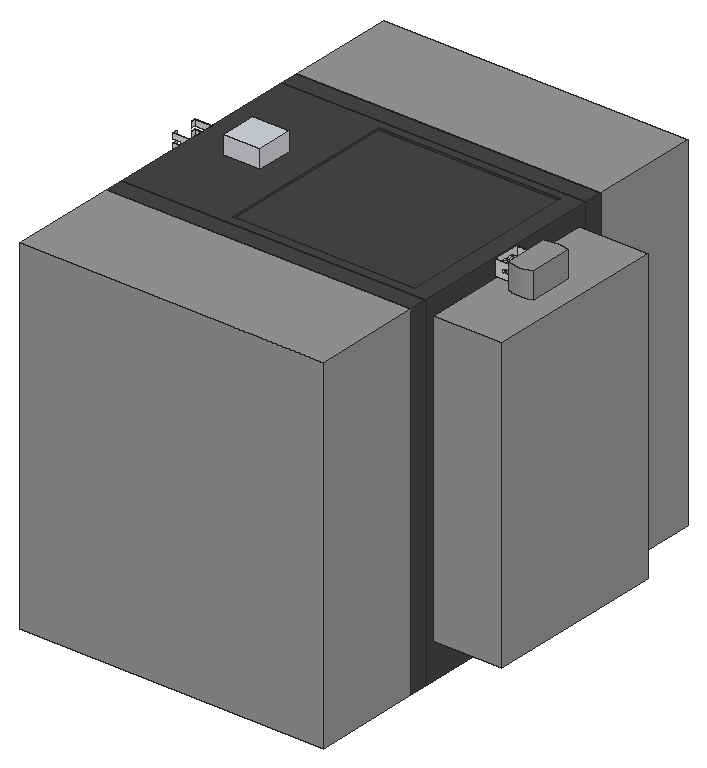
Revit family "Capsule Pool 3000-9000 вытяжной", category Оборудование, Revit 2019
Family settings
  Размер круглого соединителя = Использовать диаметр
  Классификация = Нет
  Тип детали = Нормальный
  На основе рабочей плоскости = Нет
  Всегда вертикально = Да
  При загрузке вырезать с полостями = Нет
  Общий = Нет
  Точка расчета площади = Нет
Parameters (values of type "Capsule Pool 6000")
  Толщина_кр = 50 mm  # constant formula
  СЗ = 300 mm
  Правый [instance] = yes
  Левый [instance] = yes
  Крепеж_Х = 3 mm  # constant formula
  Крепеж_У = 23 mm  # constant formula
  Коробочка_Х = 99.5 mm
  ВВ_прит_ширина = 500 mm
  ВВ_прит_высота = 500 mm
  ВВ_прит_X = 50 mm
  ВВ_выт_ширина = 500 mm
  ВВ_выт_Y = 100 mm
  ВВ_высота = 190 mm  # constant formula
  ВВ_выт_высота = 800 mm
  C1 высота = 950 mm
  B1 глубина = 650 mm
  ADSK_Расход воздуха [instance] = 0.0 m³/h
  ADSK_Наименование = "Система климатизации бассейнов Capsule Pool вытяжной модуль"  # constant formula
  ADSK_Масса = 0
  ADSK_Марка = "Capsule Pool 6000"
  ADSK_Количество [instance] = 1
  ADSK_Код изделия = ""
  ADSK_Завод-изготовитель = "ООО «Турков»"  # constant formula
  ADSK_Единица измерения = "шт."  # constant formula
  A1 длина = 835 mm
Types (7, lengths in mm): name | Коробочка_Х | ВВ_прит_ширина | ВВ_прит_высота | ВВ_выт_ширина | ВВ_выт_Y | ВВ_выт_высота | C1 высота | B1 глубина | ADSK_Марка | A1 длина
  Capsule Pool 3000 | 57 | 300 | 400 | 300 | 75 | 600 | 750 | 450 | "Capsule Pool 3000" | 685
  Capsule Pool 4000 | 99.5 | 400 | 450 | 400 | 75 | 700 | 850 | 550 | "Capsule Pool 4000" | 835
  Capsule Pool 5000 | 99.5 | 400 | 450 | 400 | 75 | 700 | 850 | 550 | "Capsule Pool 5000" | 835
  Capsule Pool 6000 | 99.5 | 500 | 500 | 500 | 100 | 800 | 950 | 650 | "Capsule Pool 6000" | 835
  Capsule Pool 7000 | 99.5 | 500 | 500 | 500 | 100 | 800 | 950 | 650 | "Capsule Pool 7000" | 835
  Capsule Pool 8000 | 99.5 | 500 | 600 | 500 | 100 | 900 | 1050 | 650 | "Capsule Pool 8000" | 935
  Capsule Pool 9000 | 99.5 | 500 | 600 | 500 | 100 | 1000 | 1150 | 650 | "Capsule Pool 9000" | 935
Reference planes
  plane 1 "По центру (Вперед/Назад)": y = 0
  plane 2: z = 0
  plane 3 "По центру (Влево/Вправо)": x = 0
  plane 4: y = 325
  plane 5: x = 417.5
  plane 6: y = -325
  plane 7: x = -417.5
  plane 8: z = 950
  plane 9: x = 607.5
  plane 10: y = 275
  plane 11: y = -275
  plane 12: y = 625
  plane 13: y = -625
Forms (mm)
  Extrusion 1, solid, material "Сталь, окрашенная, темно-серая, матовая", detail levels medium+fine
    sketch origin (0, 0, 0) x (1, 0, 0) y (0, 1, 0)
      loop
        line (-417.5, 275) -> (-417.5, -275) -> (417.5, -275) -> (417.5, 275) -> (-417.5, 275)
    from 0 to 950
  Extrusion 2, solid, material "Сталь, окрашенная, темно-серая, матовая", detail levels medium+fine
    sketch origin (0, 0, 0) x (1, 0, 0) y (0, 1, 0)
      loop
        line (-417.5, 325) -> (-417.5, 275) -> (417.5, 275) -> (417.5, 325) -> (-417.5, 325)
      loop
        line (-417.5, -275) -> (-417.5, -325) -> (417.5, -325) -> (417.5, -275) -> (-417.5, -275)
    from 0 to 950
  Extrusion 3, solid, visible <- "Левый", detail levels medium+fine
    sketch origin (-870.289, 325, 1200) x (-1, 0, 0) y (0, 0, 1)
      loop
        line (-1287.789, -250) -> (-1287.789, -1200) -> (-452.789, -1200) -> (-452.789, -250) -> (-1287.789, -250)
    from 0 to 300
  Extrusion 4, solid, visible <- "Правый", detail levels medium+fine
    sketch origin (-870.289, -325, 1200) x (-1, 0, 0) y (0, 0, 1)
      loop
        line (-452.789, -250) -> (-1287.789, -250) -> (-1287.789, -1200) -> (-452.789, -1200) -> (-452.789, -250)
    from 0 to -300
  Extrusion 5, solid, material "Сталь, Оцинкованная", detail levels medium+fine
    sketch origin (417.5, 842.378, 1200) x (0, 1, 0) y (0, 0, 1)
      loop
        line (-1092.378, -300) -> (-1092.378, -1100) -> (-592.378, -1100) -> (-592.378, -300) -> (-1092.378, -300)
    from 0 to 190
  Extrusion 6, solid, detail levels medium+fine
    sketch origin (-502.63, -1524, 950) x (-1, 0, 0) y (0, -1, 0)
      loop
        line (-184.63, -1574) -> (-184.63, -1474) -> (-284.63, -1474) -> (-284.63, -1574) -> (-184.63, -1574)
    from 0 to 50
  Extrusion 7, void
    sketch origin (-502.63, -1524, 950) x (0, -1, 0) y (-1, 0, 0)
      loop
        line (-1774, -370.13) -> (-1774, -870.13) -> (-1274, -870.13) -> (-1274, -370.13) -> (-1774, -370.13)
    from 0 to 5
Cuts and joins
  Extrusion 7 cuts Extrusion 1
Lines and regions (mm)
  model lines, style "УГО", detail levels coarse
    curve 1: circle (237.195, 0, 281.835) r 140 normal (0, -1, 0)
    curve 2: line (97.195, 0, 281.835) -> (-49.399, 0, 281.835)
    curve 3: line (377.195, 0, 281.835) -> (411.295, 0, 281.835)
    curve 4: line (411.295, 0, 281.835) -> (471.295, 0, 385.758)
    curve 5: line (411.295, 0, 281.835) -> (471.295, 0, 177.912)
    curve 6: line (471.295, 0, 385.758) -> (471.295, 0, 177.912)
    curve 7: line (-262.805, 0, 281.835) -> (-202.805, 0, 385.758)
    curve 8: line (-262.805, 0, 281.835) -> (-202.805, 0, 177.912)
    curve 9: line (-202.805, 0, 385.758) -> (-202.805, 0, 177.912)
    curve 10: line (97.195, 0, 281.835) -> (307.195, 0, 403.079)
    curve 11: line (307.195, 0, 403.079) -> (307.195, 0, 160.592)
    curve 12: line (97.195, 0, 281.835) -> (307.195, 0, 160.592)
    curve 13: line (23.898, 0, 631.108) -> (127.821, 0, 571.108)
    curve 14: line (23.898, 0, 631.108) -> (-80.025, 0, 571.108)
    curve 15: line (127.821, 0, 571.108) -> (-80.025, 0, 571.108)
    curve 16: circle (-99.399, 0, 281.835) r 50 normal (0, -1, 0)
    curve 17: line (-30.456, 0, 350.778) -> (-171.877, 0, 209.357)
    curve 18: line (-149.399, 0, 281.835) -> (-202.805, 0, 281.835)
    curve 19: line (23.898, 0, 571.108) -> (23.898, 0, 281.835)
    curve 39: line (-417.5, 0, 950) -> (607.5, 0, 950)
    curve 40: line (-417.5, 0, 0) -> (-417.5, 0, 950)
    curve 41: line (607.5, 0, 0) -> (-417.5, 0, 0)
    curve 42: line (607.5, 0, 950) -> (607.5, 0, 0)
  model lines, style "УГО", not visible, detail levels coarse
    curve 20: circle (168.399, 0, 365.175) r 140 normal (0, -1, 0)
    curve 21: line (28.399, 0, 365.175) -> (-118.194, 0, 365.175)
    curve 22: line (308.399, 0, 365.175) -> (342.5, 0, 365.175)
    curve 23: line (342.5, 0, 365.175) -> (402.5, 0, 469.098)
    curve 24: line (342.5, 0, 365.175) -> (402.5, 0, 261.252)
    curve 25: line (402.5, 0, 469.098) -> (402.5, 0, 261.252)
    curve 26: line (-331.601, 0, 365.175) -> (-271.601, 0, 469.098)
    curve 27: line (-331.601, 0, 365.175) -> (-271.601, 0, 261.252)
    curve 28: line (-271.601, 0, 469.098) -> (-271.601, 0, 261.252)
    curve 29: line (28.399, 0, 365.175) -> (238.399, 0, 486.419)
    curve 30: line (238.399, 0, 486.419) -> (238.399, 0, 243.932)
    curve 31: line (28.399, 0, 365.175) -> (238.399, 0, 243.932)
    curve 32: line (-44.897, 0, 714.447) -> (59.026, 0, 654.447)
    curve 33: line (-44.897, 0, 714.447) -> (-148.82, 0, 654.447)
    curve 34: line (59.026, 0, 654.447) -> (-148.82, 0, 654.447)
    curve 35: circle (-168.194, 0, 365.175) r 50 normal (0, -1, 0)
    curve 36: line (-99.251, 0, 434.118) -> (-240.672, 0, 292.697)
    curve 37: line (-218.194, 0, 365.175) -> (-271.601, 0, 365.175)
    curve 38: line (-44.897, 0, 654.447) -> (-44.897, 0, 365.175)
Dimensions and locks
  equal spacing: plane 7, plane 3 "По центру (Влево/Вправо)", plane 5
  "A1 длина": plane 7 to plane 5
  equal spacing: plane 4, plane 1 "По центру (Вперед/Назад)", plane 6
  "B1 глубина": plane 4 to plane 6
  "C1 высота": plane 8 to plane 2
  "ВВ_высота": plane 9 to plane 5
  "Толщина_кр": plane 4 to plane 10
  "Толщина_кр": plane 11 to plane 6
  "Крепеж_Х": plane 1 "По центру (Вперед/Назад)" to nested 1
  "Крепеж_Х": plane 1 "По центру (Вперед/Назад)" to nested 3
  "Крепеж_Х": nested 2 to plane 1 "По центру (Вперед/Назад)"
  "Крепеж_У": nested 2 to plane 2
  "Крепеж_У": nested 3 to plane 2
  "Крепеж_У": plane 8 to nested 1
  "Крепеж_Х": nested 7 to plane 1 "По центру (Вперед/Назад)"
  "Крепеж_Х": plane 1 "По центру (Вперед/Назад)" to nested 5
  "Крепеж_У": nested 7 to plane 2
  "Крепеж_У": nested 5 to plane 2
  "Крепеж_У": plane 8 to nested 6
  "Крепеж_Х": nested 6 to plane 1 "По центру (Вперед/Назад)"
  "Крепеж_Х": plane 1 "По центру (Вперед/Назад)" to nested 4
  "Крепеж_У": plane 8 to nested 4
  "СЗ": plane 12 to plane 4
  "СЗ": plane 6 to plane 13
  equal spacing: Extrusion 5 sketch curve, plane 1 "По центру (Вперед/Назад)", Extrusion 5 sketch curve
  "ВВ_выт_ширина": Extrusion 5 sketch curve to Extrusion 5 sketch curve
  "ВВ_выт_высота": Extrusion 5 sketch curve to Extrusion 5 sketch curve
  "ВВ_выт_Y": Extrusion 5 sketch curve to plane 2
  "Коробочка_Х": plane 7 to Extrusion 6 sketch curve
  locked: Extrusion 6 sketch curve to Extrusion 6 sketch curve at 100  (x2)
  equal spacing: Extrusion 6 sketch curve, plane 1 "По центру (Вперед/Назад)", Extrusion 6 sketch curve
  "ВВ_прит_высота": Extrusion 7 sketch curve to Extrusion 7 sketch curve
  "ВВ_прит_ширина": Extrusion 7 sketch curve to Extrusion 7 sketch curve
  equal spacing: Extrusion 7 sketch curve, plane 1 "По центру (Вперед/Назад)", Extrusion 7 sketch curve
  "ВВ_прит_X": Extrusion 7 sketch curve to plane 5
  "Крепеж_У": plane 8 to nested 9
  "Крепеж_Х": nested 9 to plane 1 "По центру (Вперед/Назад)"
  aligned and locked: level to plane 2
  aligned and locked: plane 7 to Extrusion 1 sketch curve
  aligned and locked: Extrusion 1 sketch curve to plane 5
  aligned and locked: plane 8 to Extrusion 1
  aligned and locked: Extrusion 1 sketch curve to plane 10
  aligned and locked: Extrusion 1 sketch curve to plane 11
  aligned and locked: plane 7 to Extrusion 2 sketch curve  (x2)
  aligned and locked: Extrusion 2 sketch curve to plane 10
  aligned and locked: Extrusion 2 sketch curve to plane 4
  aligned and locked: Extrusion 2 sketch curve to plane 5  (x2)
  aligned and locked: Extrusion 2 sketch curve to plane 11
  aligned and locked: plane 6 to Extrusion 2 sketch curve
  aligned and locked: plane 8 to Extrusion 2
  aligned and locked: plane 7 to nested 1
  aligned and locked: nested 1 to plane 7
  aligned and locked: nested 6 to Extrusion 1
  aligned and locked: nested 4 to Extrusion 1
  aligned and locked: plane 7 to nested 2
  aligned and locked: plane 7 to nested 3
  aligned and locked: nested 7 to plane 5
  aligned and locked: nested 5 to plane 5
  aligned and locked: nested 6 to plane 5
  aligned and locked: nested 4 to plane 5
  aligned and locked: Extrusion 3 sketch curve to plane 5
  aligned and locked: Extrusion 3 sketch curve to plane 8
  aligned and locked: plane 7 to Extrusion 3 sketch curve
  aligned and locked: plane 2 to Extrusion 3 sketch curve
  aligned and locked: plane 8 to Extrusion 3
  aligned and locked: Extrusion 3 to plane 12
  aligned and locked: Extrusion 4 sketch curve to plane 8
  aligned and locked: plane 7 to Extrusion 4 sketch curve
  aligned and locked: plane 2 to Extrusion 4 sketch curve
  aligned and locked: Extrusion 4 sketch curve to plane 5
  aligned and locked: Extrusion 4 to plane 13
  aligned and locked: plane 9 to Extrusion 5
  aligned and locked: nested 8 to plane 1 "По центру (Вперед/Назад)"
  aligned and locked: plane 7 to curve 40
  aligned and locked: plane 2 to curve 41
  aligned and locked: curve 39 to plane 8
  aligned and locked: curve 42 to plane 9
Nested families
  nested 1: "Крепежный уголок" at (-417.5, -3, 927) x (0, 0, -1) z (-1, 0, 0), visible <- "Левый", type "Крепежный уголок", detail levels coarse+fine
    with СЗ Справа yes
  nested 2: "Крепежный уголок" at (-417.5, 3, 23) x (0, 0, 1) z (-1, 0, 0), visible <- "Правый", type "Крепежный уголок", detail levels coarse+fine
    with СЗ Справа yes
  nested 3: "Крепежный уголок" at (-417.5, -3, 23) x (0, 0, -1) z (-1, 0, 0), visible <- "Левый", type "Крепежный уголок", detail levels coarse+fine
    with СЗ Справа yes
  nested 4: "Крепежный уголок" at (417.5, 3, 927) x (0, 0, -1) z (1, 0, 0), visible <- "Правый", type "Крепежный уголок", detail levels coarse+fine
    with СЗ Справа yes
  nested 5: "Крепежный уголок" at (417.5, 3, 23) x (0, 0, -1) z (1, 0, 0), visible <- "Правый", type "Крепежный уголок", detail levels coarse+fine
    with СЗ Справа yes
  nested 6: "Крепежный уголок" at (417.5, -3, 927) x (0, 0, 1) z (1, 0, 0), visible <- "Левый", type "Крепежный уголок", detail levels coarse+fine
    with СЗ Справа yes
  nested 7: "Крепежный уголок" at (417.5, -3, 23) x (0, 0, 1) z (1, 0, 0), visible <- "Левый", type "Крепежный уголок", detail levels coarse+fine
    with СЗ Справа yes
  nested 8: "коробочка на вв Capsule" at (507.5, 0, 900) x (-1, 0, 0) z (0, 0, 1), type "коробочка на вв Capsule"
  nested 9: "Крепежный уголок" at (-417.5, 3, 927) x (0, 0, -1) z (-1, 0, 0), visible <- "Правый", type "Крепежный уголок", detail levels coarse+fine
    with СЗ Справа yes
Connectors
  hvac at (607.5, 0, 500), driven by "ВВ_выт_высота", driven by "ВВ_выт_ширина"
    settings: on Extrusion 5, index 3, duct flow 0.0 m³/h, flow factor 0, pres drop 0.0 Pa, loss coef 0, conn angle 0.00°, conn width 500 mm, conn height 800 mm, conn diameter 609.6 mm, duct sys type 29, conn prof type 1, flow config 0, flow direction 1, loss method 0, conn ref index 4, conn util no, is conn primary yes, conn desc ""
  hvac at (-417.5, 0, 475), driven by "ВВ_выт_высота", driven by "ВВ_выт_ширина"
    settings: on Extrusion 1, index 4, duct flow 0.0 m³/h, flow factor 0, pres drop 0.0 Pa, loss coef 0, conn angle 0.00°, conn width 500 mm, conn height 800 mm, conn diameter 609.6 mm, duct sys type 29, conn prof type 1, flow config 0, flow direction 2, loss method 0, conn ref index 3, conn util no, is conn primary no, conn desc ""
  hvac at (117.5, 0, 945), driven by "ВВ_прит_ширина", driven by "ВВ_прит_высота"
    settings: on cut or joined group of Extrusion 1, Extrusion 7, index 5, duct flow 0.0 m³/h, flow factor 0, pres drop 0.0 Pa, loss coef 0, conn angle 0.00°, conn width 500 mm, conn height 500 mm, conn diameter 609.6 mm, duct sys type 29, conn prof type 1, flow config 0, flow direction 2, loss method 0, conn ref index -1, conn util no, is conn primary no, conn desc ""
Definition of nested family "Крепежный уголок"
  Parameters (values of type "Крепежный уголок")
    СЗ Справа [instance] = yes
    Default Elevation = 1219.2 mm
  Reference planes
    plane 1 "По центру (Вперед/Назад)": y = 0
    plane 2: z = 0
    plane 3 "По центру (Влево/Вправо)": x = 0
  Forms (mm)
    Sweep 1, solid, visible <- "СЗ Справа", detail levels medium+fine
      path origin (22, -1546.962, 413.552) x (0, 0, 1) y (0, -1, 0)
        loop
          line (-413.552, -1510.962) -> (-413.552, -1582.962) -> (-363.552, -1582.962) -> (-363.552, -1570.962)
      profile origin (22, 0, 0) x (0, 0, 1) y (1, 0, 0)
        loop
          line (0, -42) -> (2, -42) -> (2, -2) -> (0, -2) -> (0, -42)
    Extrusion 2, solid, visible <- "СЗ Справа", detail levels medium+fine
      sketch origin (848.212, 1677.217, 10) x (1, 0, 0) y (0, -1, 0)
        loop
          circle (-848.212, 1695.637) r 8.018
        loop
          circle (-848.212, 1672.218) r 8.147
      from 0 to 10
    Extrusion 3, void
      sketch origin (20, 34, 2) x (0, 0, -1) y (-1, 0, 0)
        loop
          line (-48, 25) -> (-48, 15) -> (-26, 15)
          arc (-26, 15) -> (-21, 20) -> (-26, 25) r 5
          line (-26, 25) -> (-48, 25)
      from 2 to -10
  Cuts and joins
    Extrusion 3 cuts Sweep 1
    Extrusion 3 cuts Extrusion 2
    joined: Sweep 1, Extrusion 2
  Dimensions and locks
    locked: Sweep 1 sketch curve to Sweep 1 sketch curve at 72
    locked: Sweep 1 sketch curve to Sweep 1 sketch curve at 50
    locked: Sweep 1 sketch curve to Sweep 1 sketch curve at 12
    locked: Sweep 1 sketch curve to Sweep 1 sketch curve at 40
    locked: Sweep 1 sketch curve to Sweep 1 sketch curve at 2
    locked: profile plane to Sweep 1 sketch curve at 2
    locked: Extrusion 2 sketch curve to Extrusion 2 sketch curve at 23.418
    equal spacing: Sweep 1 sketch curve, plane 1 "По центру (Вперед/Назад)", Sweep 1 sketch curve
    equal spacing: Sweep 1 sketch curve, plane 3 "По центру (Влево/Вправо)", Sweep 1 sketch curve
    Extrusion 2 sketch curve to plane 1 "По центру (Вперед/Назад)" = 18.419 mm
    diameter of Extrusion 2 sketch curve = 16.036 mm
    diameter of Extrusion 2 sketch curve = 16.295 mm
    aligned and locked: level to plane 2
    aligned and locked: plane 3 "По центру (Влево/Вправо)" to Extrusion 2 sketch curve
    aligned and locked: Extrusion 2 to plane 2
Definition of nested family "коробочка на вв Capsule"
  Parameters (values of type "коробочка на вв Capsule")
    элпривод = 120 mm
    Default Elevation = 1219.2 mm
    R2 = 87.836 mm
    R1 = 78.7 mm
  Reference planes
    plane 1 "По центру (Вперед/Назад)": y = 0
    plane 2: z = 0
    plane 3 "По центру (Влево/Вправо)": x = 0
  Forms (mm)
    Extrusion 1, solid, detail levels medium+fine
      sketch origin (-98.918, -249.299, 0) x (0, 1, 0) y (-1, 0, 0)
        loop
          line (308.599, -65.118) -> (190, -65.118)
          arc (190, -65.118) -> (182.886, -98.848) -> (189.299, -132.718) r 87.836
          line (189.299, -132.718) -> (309.299, -132.718)
          arc (309.299, -132.718) -> (316.577, -98.839) -> (308.599, -65.118) r 78.7
      from 0 to 70
  Dimensions and locks
    "элпривод": Extrusion 1 sketch curve to Extrusion 1 sketch curve
    locked: Extrusion 1 sketch curve to Extrusion 1 sketch curve at 67.6
    equal spacing: Extrusion 1 sketch curve, plane 3 "По центру (Влево/Вправо)", Extrusion 1 sketch curve
    equal spacing: Extrusion 1 sketch curve, plane 1 "По центру (Вперед/Назад)", Extrusion 1 sketch curve  (x2)
    "R1": radius of Extrusion 1 sketch curve
    "R2": radius of Extrusion 1 sketch curve
    aligned and locked: level to plane 2
  Automatic sketch dimensions
    plane 1 "По центру (Вперед/Назад)" to Extrusion 1 sketch curve = 59.299 mm
